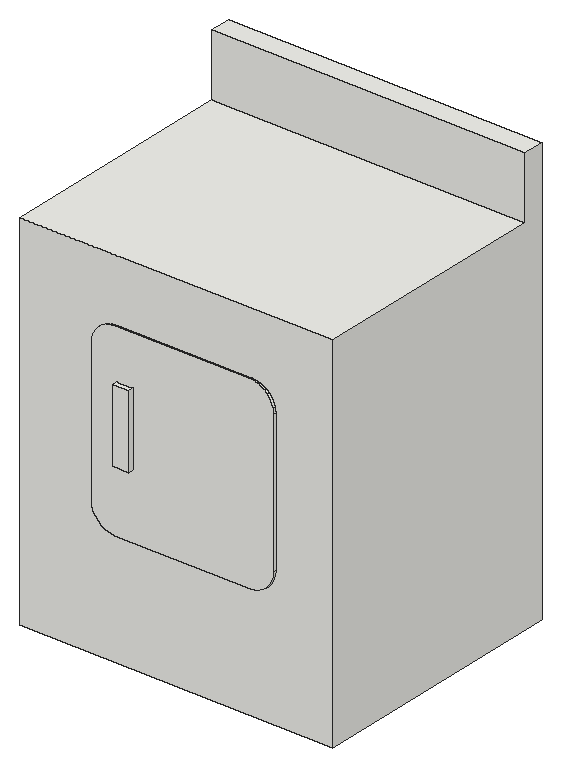
Revit family "Dryer", category Specialty Equipment, Revit 2023
Family settings
  Round Connector Dimension = Use Diameter
  Part Type = Undefined
  Work Plane-Based = No
  Enable Cutting in Views = No
  Always vertical = Yes
  Cut with Voids When Loaded = No
  Maintain Annotation Orientation = No
  Shared = Yes
  Room Calculation Point = No
Parameters (values of type "30" x 25" x 35"")
  Label = "D"
  Default Elevation = 0' - 0"
  Assembly Code = "E1090400"
  Depth = 2' - 1"
  Dryer Material = Metal - Paint Finish - Ivory,Glossy
  Height = 2' - 11"
  Width = 2' - 6"
Types (3): name | Depth | Height | Width
  27" x 25" x 35" | 2' - 1" | 2' - 11" | 2' - 3"
  30" x 25" x 35" | 2' - 1" | 2' - 11" | 2' - 6"
  31 1/2" x 28 23/32" x 36 1/2" | 2' - 4 23/32" | 3' - 0 1/2" | 2' - 7 1/2"
Reference planes (in)
  plane 1: y = -0.11177
  plane 2: z = 0
  plane 3: x = 1.42077
  plane 4 "Top": z = 35
  plane 5: x = 31.42077
  plane 6: y = 24.88823
  plane 7: z = 38
  plane 8: x = 16.42077
  plane 9: y = -0.29927
Forms (in)
  Extrusion 1, solid, material "Metal - Paint Finish - Ivory,Glossy" <- "Dryer Material"
    sketch origin (-1.6311, 1.39809, 0) x (1, 0, 0) y (0, 1, 0)
      loop
        line (33.05187, 23.49014) -> (3.05187, 23.49014) -> (3.05187, -1.50986) -> (33.05187, -1.50986) -> (33.05187, 23.49014)
    from 0 to 35
  Extrusion 2, solid, material "Metal - Paint Finish - Ivory,Glossy" <- "Dryer Material"
    sketch origin (31.42077, -0.11177, 35) x (0, 0, -1) y (0, 1, 0)
      loop
        line (0, 25) -> (-6, 25) -> (-6, 23) -> (0, 23) -> (0, 25)
    from 0 to -30
  Extrusion 3, solid, material "Metal - Paint Finish - Ivory,Glossy" <- "Dryer Material"
    sketch origin (31.42077, 22.88823, 41) x (-1, 0, 0) y (0, 0, -1)
      loop
        arc (20.75, 11.95969) -> (22.34099, 12.6187) -> (23, 14.20969) r 2.25
        line (23, 14.20969) -> (23, 27.70969)
        arc (23, 27.70969) -> (22.34099, 29.30068) -> (20.75, 29.95969) r 2.25
        line (20.75, 29.95969) -> (7.75, 29.95969)
        arc (7.75, 29.95969) -> (6.15901, 29.30068) -> (5.5, 27.70969) r 2.25
        line (5.5, 27.70969) -> (5.5, 14.20969)
        arc (5.5, 14.20969) -> (6.15901, 12.6187) -> (7.75, 11.95969) r 2.25
        line (7.75, 11.95969) -> (20.75, 11.95969)
    from 23 to 23.1875
  Extrusion 4, solid, material "Metal - Paint Finish - Ivory,Glossy" <- "Dryer Material"
    sketch origin (31.42077, -0.29927, 41) x (-1, 0, 0) y (0, 0, -1)
      loop
        line (20.52456, 16.72579) -> (20.52456, 23.72579) -> (19.02456, 23.72579) -> (19.02456, 16.72579) -> (20.52456, 16.72579)
    from 0 to 0.5
Cuts and joins
  joined: Extrusion 1, Extrusion 2
Lines and regions (in)
  Masking region 1
    outline origin (0, 0, 0) x (1, 0, 0) y (0, 1, 0)
      loop
        line (1.42077, 24.88823) -> (1.42077, -0.11177) -> (31.42077, -0.11177) -> (31.42077, 24.88823) -> (1.42077, 24.88823)
  model lines, detail levels medium+fine
    curve 1: line (21.17077, 16.88823, 35) -> (21.17077, 12.88823, 35)
    curve 2: line (21.17077, 16.88823, 35) -> (29.42077, 16.88823, 35)
    curve 3: line (29.42077, 16.88823, 35) -> (29.42077, 12.88823, 35)
    curve 4: line (21.17077, 12.88823, 35) -> (29.42077, 12.88823, 35)
    curve 5: arc (4.50773, 22.88823, 39) -> (3.50773, 22.88823, 38) -> (4.50773, 22.88823, 37) r 1
    curve 6: arc (4.50773, 22.88823, 37) -> (5.50773, 22.88823, 38) -> (4.50773, 22.88823, 39) r 1
    curve 7: arc (9.63821, 22.88823, 40) -> (7.63821, 22.88823, 38) -> (9.63821, 22.88823, 36) r 2
    curve 8: arc (9.63821, 22.88823, 36) -> (11.63821, 22.88823, 38) -> (9.63821, 22.88823, 40) r 2
    curve 9: arc (15.07963, 22.88823, 39.01201) -> (14.06761, 22.88823, 38) -> (15.07963, 22.88823, 36.98799) r 1.01201
    curve 10: arc (15.07963, 22.88823, 36.98799) -> (16.09164, 22.88823, 38) -> (15.07963, 22.88823, 39.01201) r 1.01201
  symbolic lines, style "SpecialityEquipment"
    curve 11: line (1.42077, 22.88823, 0) -> (31.42077, 22.88823, 0)
  symbolic lines
    curve 12: line (21.17077, 16.88823, 0) -> (21.17077, 12.88823, 0)
    curve 13: line (21.17077, 16.88823, 0) -> (29.42077, 16.88823, 0)
    curve 14: line (29.42077, 16.88823, 0) -> (29.42077, 12.88823, 0)
    curve 15: line (21.17077, 12.88823, 0) -> (29.42077, 12.88823, 0)
Dimensions and locks (in)
  "Width": plane 5 to plane 3
  "Depth": plane 6 to plane 1
  "Height": plane 2 to plane 4 "Top"
  equal spacing: Extrusion 2, plane 7, plane 4 "Top"
  equal spacing: plane 3, plane 8, plane 5
  locked: plane 1 to plane 9 at 0.1875
  equal spacing: plane 1, nested 1, cut or joined group of Extrusion 1, Extrusion 2
  aligned and locked: plane 6 to Extrusion 1 sketch curve
  aligned and locked: plane 5 to Extrusion 1 sketch curve  (x2)
  aligned and locked: plane 1 to Extrusion 1 sketch curve  (x3)
  aligned and locked: plane 3 to Extrusion 1 sketch curve  (x2)
  aligned and locked: Extrusion 1 to level
  aligned and locked: Extrusion 1 to plane 4 "Top"
  aligned and locked: Extrusion 2 sketch curve to Extrusion 1  (x2)
  aligned and locked: Extrusion 2 to plane 3
  aligned and locked: plane 8 to nested 1
  aligned and locked: curve 11 to cut or joined group of Extrusion 1, Extrusion 2
  aligned and locked: Masking region 1 sketch curve to plane 6
  aligned and locked: plane 3 to Masking region 1 sketch curve
  aligned and locked: Masking region 1 sketch curve to plane 5
  aligned and locked: Masking region 1 sketch curve to plane 1
  aligned and locked: curve 12 to curve 1
  aligned and locked: curve 13 to curve 2
  aligned and locked: curve 14 to curve 3
  aligned and locked: curve 15 to curve 4
Automatic sketch dimensions
  Extrusion 1 sketch curve to plane 6 = 0' - 0"
  plane 5 to Extrusion 1 sketch curve = 0' - 0"
  Extrusion 2 sketch curve to plane 4 "Top" = 0' - 6"
  Extrusion 2 sketch curve to plane 6 = 0' - 2"
  curve 7 to plane 7 = 0' - 0"
  curve 6 to plane 7 = 0' - 0"
  curve 9 to plane 7 = 0' - 0"
  plane 7 to curve 5 = 0' - 1"
  plane 7 to curve 10 = 0' - 1.01201"
  curve 7 to plane 4 "Top" = 0' - 1"
  plane 3 to curve 6 = 0' - 3.08697"
  curve 6 to curve 7 = 0' - 5.13048"
  curve 8 to curve 9 = 0' - 5 113/256"
  curve 11 to plane 3 = 0' - 0"
  plane 8 to curve 1 = 0' - 4 3/4"
  curve 3 to plane 5 = 0' - 2"
  curve 3 to plane 1 = 1' - 1"
  curve 1 to curve 1 = 0' - 4"
  Extrusion 3 sketch curve to plane 5 = 0' - 5 1/2"
  Extrusion 3 sketch curve to Extrusion 3 sketch curve = 0' - 2 1/4"  (x3)
  Extrusion 3 sketch curve to plane 8 = 0' - 5 3/4"  (x2)
  plane 4 "Top" to Extrusion 3 sketch curve = 0' - 5.95969"
  level to Extrusion 3 sketch curve = 1' - 1.29031"
  Extrusion 4 sketch curve to plane 8 = 0' - 4.02456"
  Extrusion 4 sketch curve to Extrusion 4 sketch curve = 0' - 1 1/2"
  plane 4 "Top" to Extrusion 4 sketch curve = 0' - 10.72579"
  Extrusion 4 sketch curve to Extrusion 4 sketch curve = 0' - 7"
  curve 11 to plane 5 = 0' - 0"
Nested families (in)
  nested 1: "Label Annotation 3-32" at (16.42077, 11.38823, 0), type "Label Annotation 3-32", detail levels medium+fine
Definition of nested family "Label Annotation 3-32"
  Parameters
    Label = ""
  Reference planes (in)
    plane 1: y = 0
    plane 2: x = 0
  Text (in)
    label "Label" at (0.00375, -0.00345, 0), shows "Label"
